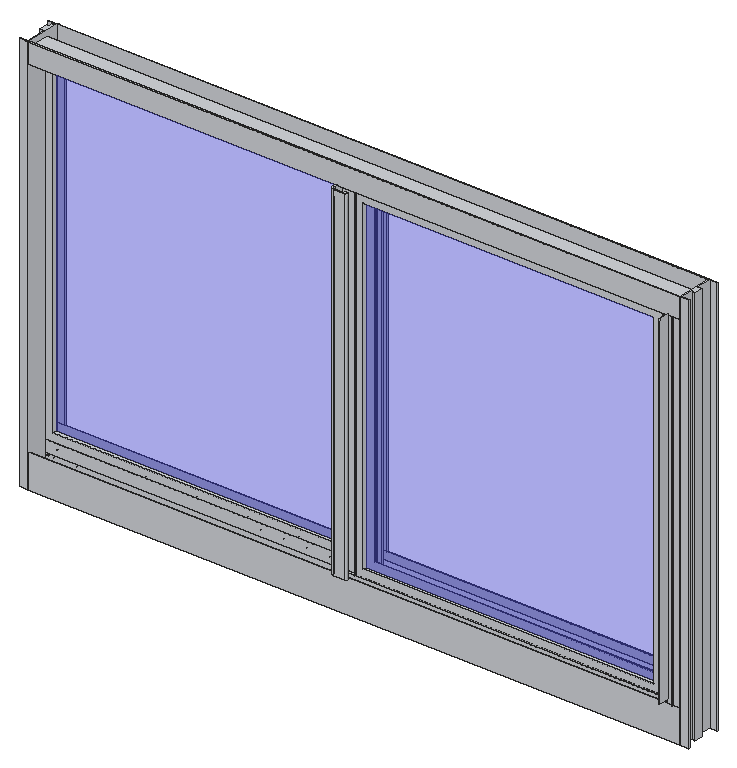
Revit family "3600_Single Slider", category Windows, host Wall, Revit 2023
Family settings
  Host = Wall
  OmniClass Number = 23.30.20.00
  OmniClass Title = Windows
  Always vertical = Yes
  Cut with Voids When Loaded = No
  Shared = No
  Room Calculation Point = No
Parameters
  Vent Width = Keep Rail Mid + 0' 2 29/32"  # 2' - 6 41/64"
  Vent Opening [instance] = 0' - 0"
  Vent Height = Height - 0' 3 13/32"  # 2' - 8 19/32"
  Keep Rail Mid = ((Width - 0' 7 23/32") / 2) + 0' 1 19/32"  # 2' - 3 47/64"
  Height = 3' - 0"
  Glass Material = Glass
  Frame Material = none
  Depth From Exterior = 0' - 1"
  Default Sill Height = 3' - 0"
  Wall Closure = By host
  Width = 5' - 0"
Reference planes (in)
  plane 1 "Center (Front/Back)": y = 0
  plane 2: z = 0
  plane 3 "Center (Left/Right)": x = 0
  plane 4 "Left": x = -30
  plane 5 "Right": x = 30
  plane 6 "Sill": z = 36
  plane 7 "Top": z = 72
  plane 8: x = 29.234
  plane 9: x = 30
  plane 10: y = 2
  plane 11: y = -1.25
  plane 12: y = 2
  plane 13: y = 3
  plane 14: x = -29.25
  plane 15: x = -30
  plane 16: y = 2
  plane 17: y = -1.25
  plane 18: y = -1.25
  plane 19: y = 2
  plane 20: y = 0.622
  plane 21: y = 2
  plane 22: y = 2
  plane 23: y = -1.25
  plane 24: x = 28.113
  plane 25: x = 29.234
  plane 26: y = 2
  plane 27: y = 1.938
  plane 28: x = 28.113
  plane 29: x = 28.3
  plane 30: y = 1.938
  plane 31: y = 1.393
  plane 32: x = 29.234
  plane 33: x = 28.113
  plane 34: y = -1.188
  plane 35: y = -1.25
  plane 36: x = -29.25
  plane 37: x = -28.5
  plane 38: y = 2
  plane 39: y = 1.938
  plane 40: x = -2.37138
  plane 41: x = 0.37862
  plane 42: y = 2
  plane 43: y = 1.938
  plane 44: x = -1.62138
  plane 45: x = 0.37862
  plane 46: y = 1.938
  plane 47: y = 0.38
  plane 48: y = 0.926
  plane 49: y = 0.622
  plane 50: y = 1.938
  plane 51: y = 0.938
  plane 52: x = 28.113
  plane 53: z = 38.44908
  plane 54: z = 38.08
  plane 55: y = 0.54642
Forms (in)
  Sweep 1, solid
    path origin (0, 0, 0) x (0, 1, 0) y (0, 0, 1)
      loop
        line (1.35088, 72) -> (1.35088, 36)
    profile origin (0, 1.35088, 54) x (1, 0, 0) y (0, 1, 0)
      loop
        line (29.234, 0.58712) -> (29.234, -2.60088) -> (30, -2.60088) -> (30, -2.53888) -> (29.296, -2.53888) -> (29.296, -1.42888) -> (29.639, -1.42888) -> (29.639, -0.73488) -> (29.296, -0.73488) -> (29.296, 0.58712) -> (30, 0.58712) -> (30, 0.64912) -> (29.234, 0.64912) -> (29.234, 0.58712)
  Sweep 2, solid
    path origin (0, 0, 0) x (0, 1, 0) y (0, 0, 1)
      loop
        line (-1.9872, 72) -> (-1.9872, 36)
    profile origin (0, -1.9872, 54) x (1, 0, 0) y (0, 1, 0)
      loop
        line (-30, 0.7372) -> (-29.25, 0.7372) -> (-29.25, 3.9872) -> (-30, 3.9872) -> (-30, 3.9252) -> (-29.312, 3.9252) -> (-29.312, 3.74034) -> (-29.495, 3.74034) -> (-29.495, 3.4112) -> (-29.687, 3.4112) -> (-29.687, 2.6092) -> (-29.312, 2.6092) -> (-29.312, 0.7992) -> (-30, 0.7992) -> (-30, 0.7372)
  Sweep 3, solid
    path origin (0, 0, 0) x (1, 0, 0) y (0, 0, 1)
      loop
        line (29.234, 36) -> (-29.25, 36)
    profile origin (-0.008, 0, 36) x (0, 0, -1) y (0, -1, 0)
      loop
        line (0, 1.25) -> (-2.982, 1.25) -> (-2.982, 1.17) -> (-2.08, 1.17) -> (-2.08, 0.3455) -> (-2.03217, 0.167) -> (-1.05951, 0.167) -> (-0.99048, -0.622) -> (-2.187, -0.622) -> (-2.187, -0.702) -> (-2.07961, -0.764) -> (-2.07961, -0.702) -> (-0.98348, -0.702) -> (-0.92381, -1.384) -> (-0.58823, -1.384) -> (-0.58823, -1.92) -> (-2.08, -1.92) -> (-2.08, -1.85822) -> (-2.187, -1.92) -> (-2.187, -2) -> (0, -2) -> (0, -1.92) -> (-0.50823, -1.92) -> (-0.50823, -0.69) -> (-0.90422, -0.69) -> (-0.9862, 0.247) -> (-1.97078, 0.247) -> (-2, 0.35603) -> (-2, 1.17) -> (-0.57023, 1.17) -> (-0.57023, 1.08) -> (-0.50823, 1.08) -> (-0.50823, 1.17) -> (0, 1.17) -> (0, 1.25)
  Sweep 4, solid
    path origin (0, 0, 0) x (1, 0, 0) y (0, 0, 1)
      loop
        line (29.234, 38.187) -> (-29.25, 38.187)
    profile origin (-0.008, 0, 38.187) x (0, 0, -1) y (0, -1, 0)
      loop
        line (0, -2) -> (0, -1.858) -> (0.10739, -1.858) -> (0.12078, -1.908) -> (0.31133, -1.85694)
        arc (0.31133, -1.85694) -> (0.33404, -1.82295) -> (0.30331, -1.796) r 0.031
        line (0.30331, -1.796) -> (-0.031, -1.796)
        arc (-0.031, -1.796) -> (-0.05292, -1.80508) -> (-0.062, -1.827) r 0.031
        line (-0.062, -1.827) -> (-0.062, -1.907)
        arc (-0.062, -1.907) -> (-0.07108, -1.92892) -> (-0.093, -1.938) r 0.031
        line (-0.093, -1.938) -> (-1.02, -1.938) -> (-1.02, -1.403) -> (-0.645, -1.403) -> (-0.645, -0.684) -> (-0.093, -0.684)
        arc (-0.093, -0.684) -> (-0.07108, -0.69308) -> (-0.062, -0.715) r 0.031
        line (-0.062, -0.715) -> (-0.062, -0.795)
        arc (-0.062, -0.795) -> (-0.05292, -0.81692) -> (-0.031, -0.826) r 0.031
        line (-0.031, -0.826) -> (0.30331, -0.826)
        arc (0.30331, -0.826) -> (0.33404, -0.79905) -> (0.31133, -0.76506) r 0.031
        line (0.31133, -0.76506) -> (0.12078, -0.714) -> (0.10739, -0.764) -> (0, -0.764) -> (0, -0.622) -> (-1.082, -0.622) -> (-1.082, -0.684) -> (-0.707, -0.684) -> (-0.707, -0.855) -> (-1.082, -0.855) -> (-1.082, -1.938) -> (-1.832, -1.938) -> (-1.832, -2) -> (0, -2)
  Sweep 5, solid
    path origin (0, 0, 0) x (1, 0, 0) y (0, 0, 1)
      loop
        line (29.234, 72) -> (-29.25, 72)
    profile origin (-0.008, 0, 72) x (0, 0, -1) y (0, -1, 0)
      loop
        line (0, -2) -> (2.862, -2) -> (2.862, -1.938) -> (2.112, -1.938) -> (2.112, -0.622) -> (0.5, -0.622) -> (0.5, 1.188) -> (1.825, 1.188) -> (1.825, 1.25) -> (0, 1.25) -> (0, 1.188) -> (0.438, 1.188) -> (0.438, -0.684) -> (1.675, -0.684) -> (1.675, -1.424) -> (1.867, -1.424) -> (1.867, -1.73923) -> (2.05, -1.73923) -> (2.05, -1.938) -> (0, -1.938) -> (0, -2)
  Sweep 6, solid
    path origin (0, 0, 0) x (0, 1, 0) y (0, 0, 1)
      loop
        line (1.9693, 40.019) -> (1.9693, 69.138)
    profile origin (0, 1.9693, 54.5785) x (0, -1, 0) y (1, 0, 0)
      loop
        line (-0.0307, 28.113) -> (0.0313, 28.113) -> (0.0313, 29.234) -> (-0.0307, 29.234) -> (-0.0307, 29.047) -> (-0.0307, 28.113)
  Sweep 7, solid
    path origin (0, 1.09021, 0) x (0, 1, 0) y (0, 0, 1)
      loop
        line (1.59467, 39.269) -> (1.59467, 69.888)
    profile origin (0, 2.68488, 54.5785) x (0, -1, 0) y (1, 0, 0)
      loop
        line (0.74688, 28.3) -> (0.74688, 28.238) -> (1.22988, 28.238) -> (1.22988, 28.113) -> (1.29188, 28.113) -> (1.29188, 28.3) -> (0.74688, 28.3)
  Sweep 8, solid
    path origin (0, 0, 0) x (0, 1, 0) y (0, 0, 1)
      loop
        line (-1.21279, 38.982) -> (-1.21279, 70.175)
    profile origin (0, -1.21279, 54.5785) x (0, -1, 0) y (1, 0, 0)
      loop
        line (-0.02479, 29.234) -> (-0.02479, 28.113) -> (0.03721, 28.113) -> (0.03721, 28.48183) -> (0.15338, 28.5759) -> (0.15338, 28.62766) -> (0.03721, 28.59654) -> (0.03721, 29.234) -> (-0.02479, 29.234)
  Sweep 9, solid
    path origin (0, 0, 0) x (0, 1, 0) y (0, 0, 1)
      loop
        line (1.97793, 40.019) -> (1.97793, 69.138)
    profile origin (0, 1.97793, 54.5785) x (0, -1, 0) y (1, 0, 0)
      loop
        line (-0.02207, -28.5) -> (-0.02207, -29.25) -> (0.03993, -29.25) -> (0.03993, -28.5) -> (-0.02207, -28.5)
  Sweep 10, solid
    path origin (0, 0, 0) x (0, 1, 0) y (0, 0, 1)
      loop
        line (1.9707, 40.019) -> (1.9707, 69.138)
    profile origin (0, 1.9707, 54.5785) x (0, -1, 0) y (1, 0, 0)
      loop
        line (-0.0293, -2.37137) -> (0.0327, -2.37137) -> (0.0327, 0.37863) -> (-0.0293, 0.37863) -> (-0.0293, -2.37137)
  Sweep 11, solid
    path origin (0, 0, 0) x (0, 1, 0) y (0, 0, 1)
      loop
        line (1.1993, 39.269) -> (1.1993, 69.888)
    profile origin (0, 1.1993, 54.5785) x (0, -1, 0) y (1, 0, 0)
      loop
        line (-0.7387, -1.62137) -> (0.5773, -1.62137) -> (0.5773, -1.18438) -> (0.2343, -1.18438) -> (0.2343, -0.85437) -> (0.5773, -0.85437) -> (0.5773, -0.18337) -> (0.7393, -0.18337) -> (0.7393, -0.4512) -> (0.78871, -0.53679) -> (0.8193, -0.56737) -> (0.8193, -0.12137) -> (0.5773, -0.12137) -> (0.5773, 0.26863) -> (0.4253, 0.26863) -> (0.4253, -0.12137) -> (-0.1757, -0.12137) -> (-0.1757, 0.37863) -> (-0.2377, 0.37863) -> (-0.2377, -0.12137) -> (-0.7387, -0.12137) -> (-0.7387, -1.62137)
  Sweep 12, solid
    path origin (0, 0, 0) x (1, 0, 0) y (0, 0, 1)
      loop
        line (-29.25, 39.269) -> (-1.62138, 39.269) -> (-1.62138, 69.888) -> (-29.25, 69.888) -> (-29.25, 39.269)
    profile origin (-15.43569, 0, 39.269) x (0, 0, 1) y (0, -1, 0)
      loop
        line (0.75, -0.622) -> (0, -0.622) -> (0, -0.76945)
        arc (0, -0.76945) -> (0.01823, -0.76258) -> (0.0338, -0.75089) r 0.069
        line (0.0338, -0.75089) -> (0.078, -0.684) -> (0.31421, -0.684) -> (0.31421, -0.926) -> (0.75, -0.926) -> (0.75, -0.622)
  Sweep 13, solid, material "Glass" <- "Glass Material"
    path origin (0, 0, 0) x (0, 1, 0) y (0, 0, 1)
      loop
        line (1.21515, 39.269) -> (1.21515, 69.888)
    profile origin (0, 1.21515, 54.5785) x (0, -1, 0) y (1, 0, 0)
      loop
        line (-0.72285, -29.25) -> (-0.47285, -29.25) -> (-0.47285, -1.62137) -> (-0.72285, -1.62137) -> (-0.72285, -29.25)
      loop
        line (0.02715, -29.25) -> (0.27715, -29.25) -> (0.27715, -1.62137) -> (0.02715, -1.62137) -> (0.02715, -29.25)
Lines and regions (in)
  Opening 1
    outline origin (-60, -3, 0) x (1, 0, 0) y (0, 0, 1)
      loop
        line (30, 72) -> (30, 36) -> (90, 36) -> (90, 72) -> (30, 72)
Text (in)
  text "EXTERIOR" at (-58.6888, 50.90694, 0), in view "Ref. Level"
  text "INTERIOR" at (-58.6888, -37.76638, 0), in view "Ref. Level"
  text "Exterior" at (0, 43.65631, 123.19604), in view "Left"
  text "Exterior" at (0, 18.29385, 125.04747), in view "Right"
Dimensions and locks (in)
  equal spacing: plane 4 "Left", plane 3 "Center (Left/Right)", plane 5 "Right"
  "Height": plane 6 "Sill" to plane 7 "Top"
  "Default Sill Height": plane 2 to plane 6 "Sill"
  locked: plane 8 to plane 9 at 0.766
  locked: plane 10 to plane 11 at 3.25
  "Depth From Exterior": plane 13 to plane 12
  locked: plane 15 to plane 14 at 0.75
  locked: plane 17 to plane 16 at 3.25
  locked: plane 19 to plane 18 at 3.25
  locked: plane 21 to plane 20 at 1.378
  "Width": plane 9 to plane 15
  locked: plane 22 to plane 23 at 3.25
  locked: plane 24 to plane 25 at 1.121
  locked: plane 26 to plane 27 at 0.062
  locked: plane 28 to plane 29 at 0.187
  locked: plane 30 to plane 31 at 0.545
  locked: plane 33 to plane 32 at 1.121
  locked: plane 34 to plane 35 at 0.062
  locked: plane 36 to plane 37 at 0.75
  locked: plane 39 to plane 38 at 0.062
  locked: plane 40 to plane 41 at 2.75
  locked: plane 42 to plane 43 at 0.062
  locked: plane 44 to plane 45 at 2
  locked: plane 46 to plane 47 at 1.558
  "Keep Rail Mid": plane 33 to plane 45
  locked: plane 48 to plane 49 at 0.304
  locked: plane 42 to plane 47 at 1.62
  locked: plane 50 to plane 51 at 1
  "Vent Opening": plane 52 to plane 33
  locked: plane 53 to plane 54 at 0.36908
  locked: plane 55 to plane 49 at 0.07558
  locked: plane 54 to plane 6 "Sill" at 2.08
  aligned and locked: plane 7 "Top" to Opening 1 sketch curve
  aligned and locked: plane 6 "Sill" to Opening 1 sketch curve  (x2)
  aligned and locked: plane 5 "Right" to Opening 1 sketch curve
  aligned and locked: plane 4 "Left" to Opening 1 sketch curve
  aligned and locked: level to plane 2
  aligned and locked: plane 7 "Top" to Sweep 1 sketch curve
  aligned and locked: plane 6 "Sill" to Sweep 1 sketch curve
  aligned and locked: plane 8 to Sweep 1
  aligned and locked: plane 9 to Sweep 1  (x2)
  aligned and locked: plane 11 to Sweep 1
  aligned and locked: plane 10 to Sweep 1
  aligned and locked: plane 9 to plane 5 "Right"
  aligned and locked: plane 10 to plane 12
  aligned and locked: plane 13 to host wall
  aligned and locked: plane 6 "Sill" to Sweep 2 sketch curve
  aligned and locked: plane 7 "Top" to Sweep 2 sketch curve
  aligned and locked: plane 14 to Sweep 2
  aligned and locked: plane 17 to Sweep 2
  aligned and locked: plane 16 to Sweep 2
  aligned and locked: plane 15 to Sweep 2  (x2)
  aligned and locked: plane 15 to plane 4 "Left"
  aligned and locked: plane 12 to plane 16
  aligned and locked: plane 8 to Sweep 3 sketch curve
  aligned and locked: plane 14 to Sweep 3 sketch curve
  aligned and locked: plane 6 "Sill" to Sweep 3 sketch curve
  aligned and locked: plane 19 to Sweep 3
  aligned and locked: plane 18 to Sweep 3
  aligned and locked: plane 19 to plane 16
  aligned and locked: plane 8 to Sweep 4 sketch curve
  aligned and locked: plane 14 to Sweep 4 sketch curve
  aligned and locked: Sweep 4 sketch curve to Sweep 3
  aligned and locked: plane 21 to Sweep 4
  aligned and locked: plane 20 to Sweep 4
  aligned and locked: plane 21 to plane 19
  aligned and locked: plane 8 to Sweep 5 sketch curve
  aligned and locked: plane 14 to Sweep 5 sketch curve
  aligned and locked: plane 7 "Top" to Sweep 5 sketch curve
  aligned and locked: plane 22 to Sweep 5
  aligned and locked: plane 23 to Sweep 5
  aligned and locked: plane 22 to plane 21
  aligned and locked: Sweep 5 to Sweep 6 sketch curve
  aligned and locked: Sweep 4 to Sweep 6 sketch curve
  aligned and locked: plane 24 to Sweep 6
  aligned and locked: plane 25 to Sweep 6
  aligned and locked: plane 27 to Sweep 6
  aligned and locked: plane 26 to Sweep 6
  aligned and locked: plane 8 to plane 25
  aligned and locked: plane 26 to plane 22
  aligned and locked: Sweep 7 sketch curve to Sweep 5
  aligned and locked: Sweep 4 to Sweep 7 sketch curve
  aligned and locked: plane 28 to Sweep 7
  aligned and locked: plane 29 to Sweep 7
  aligned and locked: plane 30 to Sweep 7
  aligned and locked: plane 31 to Sweep 7
  aligned and locked: plane 30 to plane 27
  aligned and locked: plane 28 to plane 24
  aligned and locked: Sweep 5 to Sweep 8 sketch curve
  aligned and locked: Sweep 3 to Sweep 8 sketch curve
  aligned and locked: plane 34 to Sweep 8
  aligned and locked: plane 35 to Sweep 8
  aligned and locked: plane 32 to Sweep 8
  aligned and locked: plane 33 to Sweep 8
  aligned and locked: plane 35 to plane 23
  aligned and locked: plane 32 to plane 25
  aligned and locked: Sweep 5 to Sweep 9 sketch curve
  aligned and locked: Sweep 4 to Sweep 9 sketch curve
  aligned and locked: plane 39 to Sweep 9
  aligned and locked: plane 38 to Sweep 9
  aligned and locked: plane 36 to Sweep 9
  aligned and locked: plane 37 to Sweep 9
  aligned and locked: plane 36 to plane 14
  aligned and locked: plane 22 to plane 38
  aligned and locked: Sweep 9 to Sweep 10 sketch curve  (x2)
  aligned and locked: plane 40 to Sweep 10
  aligned and locked: plane 41 to Sweep 10
  aligned and locked: plane 42 to Sweep 10
  aligned and locked: plane 43 to Sweep 10
  aligned and locked: plane 42 to plane 38
  aligned and locked: Sweep 5 to Sweep 11 sketch curve
  aligned and locked: Sweep 4 to Sweep 11 sketch curve
  aligned and locked: Sweep 11 to plane 44
  aligned and locked: plane 45 to Sweep 11
  aligned and locked: plane 47 to Sweep 11
  aligned and locked: plane 46 to Sweep 11
  aligned and locked: plane 45 to plane 41
  aligned and locked: plane 46 to Sweep 4
  aligned and locked: Sweep 12 sketch curve to Sweep 4
  aligned and locked: Sweep 12 sketch curve to plane 36
  aligned and locked: plane 44 to Sweep 12 sketch curve
  aligned and locked: Sweep 12 sketch curve to Sweep 5
  aligned and locked: plane 48 to Sweep 12
  aligned and locked: plane 49 to Sweep 12
  aligned and locked: plane 20 to plane 49
  aligned and locked: Sweep 5 to Sweep 13 sketch curve
  aligned and locked: Sweep 4 to Sweep 13 sketch curve
  aligned and locked: Sweep 13 sketch curve to plane 36  (x2)
  aligned and locked: plane 44 to Sweep 13 sketch curve  (x2)
  aligned and locked: plane 50 to Sweep 13
  aligned and locked: plane 51 to Sweep 13
  aligned and locked: plane 50 to plane 46
  aligned and locked: plane 52 to nested 1
  aligned and locked: plane 54 to Sweep 3
  aligned and locked: nested 1 to plane 53
  aligned and locked: plane 55 to nested 1
Automatic sketch dimensions
  Sweep 1 sketch curve to plane 1 "Center (Front/Back)" = 0' - 1.35088"
  plane 3 "Center (Left/Right)" to Sweep 1 sketch curve = 2' - 5.234"
  Sweep 1 sketch curve to Sweep 1 sketch curve = 0' - 0.062"  (x4)
  Sweep 1 sketch curve to Sweep 1 sketch curve = 0' - 0.343"
  Sweep 1 sketch curve to Sweep 1 sketch curve = 0' - 0.704"  (x2)
  profile plane to Sweep 1 sketch curve = 0' - 2.60088"
  Sweep 1 sketch curve to Sweep 1 sketch curve = 0' - 1.11"
  Sweep 1 sketch curve to Sweep 1 sketch curve = 0' - 0.694"
  Sweep 1 sketch curve to Sweep 1 sketch curve = 0' - 1.322"
  Sweep 1 sketch curve to Sweep 1 sketch curve = 0' - 0"
  Sweep 2 sketch curve to plane 11 = 0' - 0.7372"
  Sweep 2 sketch curve to plane 3 "Center (Left/Right)" = 2' - 6"
  Sweep 2 sketch curve to Sweep 2 sketch curve = 0' - 0"
  Sweep 2 sketch curve to Sweep 2 sketch curve = 0' - 0.313"
  Sweep 2 sketch curve to Sweep 2 sketch curve = 0' - 0.192"
  Sweep 2 sketch curve to Sweep 2 sketch curve = 0' - 0 3/8"
  Sweep 2 sketch curve to Sweep 2 sketch curve = 0' - 0.183"
  Sweep 2 sketch curve to Sweep 2 sketch curve = 0' - 0.062"  (x3)
  Sweep 2 sketch curve to profile plane = 0' - 0.7372"
  Sweep 2 sketch curve to Sweep 2 sketch curve = 0' - 1.81"
  Sweep 2 sketch curve to Sweep 2 sketch curve = 0' - 0.802"
  Sweep 2 sketch curve to Sweep 2 sketch curve = 0' - 0.32914"
  Sweep 2 sketch curve to Sweep 2 sketch curve = 0' - 0.18486"
  profile plane to Sweep 3 sketch curve = 0' - 2.982"
  Sweep 3 sketch curve to Sweep 3 sketch curve = 0' - 0.795"
  Sweep 3 sketch curve to Sweep 3 sketch curve = 0' - 0"  (x4)
  Sweep 3 sketch curve to Sweep 3 sketch curve = 0' - 0.902"
  Sweep 3 sketch curve to Sweep 3 sketch curve = 0' - 0.107"
  Sweep 3 sketch curve to Sweep 3 sketch curve = 0' - 0.10739"
  Sweep 3 sketch curve to Sweep 3 sketch curve = 0' - 0.04783"
  Sweep 3 sketch curve to Sweep 3 sketch curve = 0' - 0.08"  (x6)
  Sweep 3 sketch curve to Sweep 3 sketch curve = 0' - 0.06139"
  Sweep 3 sketch curve to Sweep 3 sketch curve = 0' - 0.91128"
  Sweep 3 sketch curve to Sweep 3 sketch curve = 0' - 0.06903"
  Sweep 3 sketch curve to Sweep 3 sketch curve = 0' - 0.07331"
  Sweep 3 sketch curve to Sweep 3 sketch curve = 0' - 0.08625"
  Sweep 3 sketch curve to Sweep 3 sketch curve = 0' - 0.31599"
  Sweep 3 sketch curve to Sweep 3 sketch curve = 0' - 0.41597"
  Sweep 3 sketch curve to Sweep 3 sketch curve = 0' - 0.062"  (x3)
  Sweep 3 sketch curve to Sweep 3 sketch curve = 0' - 0.39599"
  Sweep 3 sketch curve to Sweep 3 sketch curve = 0' - 0.50823"  (x2)
  Sweep 3 sketch curve to plane 1 "Center (Front/Back)" = 0' - 2"
  Sweep 3 sketch curve to Sweep 3 sketch curve = 0' - 0.06178"
  Sweep 3 sketch curve to Sweep 3 sketch curve = 0' - 0.536"
  Sweep 3 sketch curve to Sweep 3 sketch curve = 0' - 1.09422"
  Sweep 3 sketch curve to Sweep 3 sketch curve = 0' - 0.012"
  Sweep 3 sketch curve to Sweep 3 sketch curve = 0' - 0.789"
  Sweep 3 sketch curve to Sweep 3 sketch curve = 0' - 0.0985"
  Sweep 3 sketch curve to Sweep 3 sketch curve = 0' - 0.01053"
  Sweep 3 sketch curve to Sweep 3 sketch curve = 0' - 0.833"
  Sweep 3 sketch curve to Sweep 3 sketch curve = 0' - 0.09"
  Sweep 3 sketch curve to Sweep 3 sketch curve = 0' - 0.07926"
  Sweep 3 sketch curve to Sweep 3 sketch curve = 0' - 0.33558"
  Sweep 4 sketch curve to profile plane = 0' - 0"  (x2)
  profile plane to Sweep 4 sketch curve = 0' - 0.031"  (x2)
  profile plane to Sweep 4 sketch curve = 0' - 0.062"  (x2)
  Sweep 4 sketch curve to Sweep 4 sketch curve = 0' - 0.031"  (x5)
  Sweep 4 sketch curve to Sweep 4 sketch curve = 0' - 0.552"
  Sweep 4 sketch curve to Sweep 4 sketch curve = 0' - 0.062"  (x4)
  Sweep 4 sketch curve to Sweep 4 sketch curve = 0' - 0 3/8"  (x2)
  Sweep 4 sketch curve to Sweep 4 sketch curve = 0' - 0"  (x2)
  Sweep 4 sketch curve to Sweep 4 sketch curve = 0' - 0 3/4"
  Sweep 4 sketch curve to profile plane = 0' - 0.10739"  (x2)
  Sweep 4 sketch curve to Sweep 4 sketch curve = 0' - 0.0134"  (x2)
  Sweep 4 sketch curve to Sweep 4 sketch curve = 0' - 0.19592"  (x2)
  Sweep 4 sketch curve to Sweep 4 sketch curve = 0' - 0.00802"  (x2)
  Sweep 4 sketch curve to plane 1 "Center (Front/Back)" = 0' - 2"
  Sweep 4 sketch curve to Sweep 4 sketch curve = 0' - 0.092"
  Sweep 4 sketch curve to Sweep 4 sketch curve = 0' - 0.05"
  Sweep 4 sketch curve to Sweep 4 sketch curve = 0' - 0.535"
  Sweep 4 sketch curve to Sweep 4 sketch curve = 0' - 0.548"
  Sweep 4 sketch curve to Sweep 4 sketch curve = 0' - 0.029"
  Sweep 4 sketch curve to Sweep 4 sketch curve = 0' - 0.049"
  Sweep 5 sketch curve to profile plane = 0' - 0"
  Sweep 5 sketch curve to Sweep 5 sketch curve = 0' - 0.438"  (x2)
  Sweep 5 sketch curve to Sweep 5 sketch curve = 0' - 0.062"  (x5)
  Sweep 5 sketch curve to Sweep 5 sketch curve = 0' - 1.175"
  Sweep 5 sketch curve to Sweep 5 sketch curve = 0' - 1.325"
  Sweep 5 sketch curve to Sweep 5 sketch curve = 0' - 0.192"
  Sweep 5 sketch curve to Sweep 5 sketch curve = 0' - 0.183"
  Sweep 5 sketch curve to Sweep 5 sketch curve = 0' - 0 3/4"
  Sweep 5 sketch curve to plane 1 "Center (Front/Back)" = 0' - 2"
  Sweep 5 sketch curve to Sweep 5 sketch curve = 0' - 0"  (x2)
  Sweep 5 sketch curve to Sweep 5 sketch curve = 0' - 0.19877"
  Sweep 5 sketch curve to Sweep 5 sketch curve = 0' - 0.31523"
  Sweep 5 sketch curve to Sweep 5 sketch curve = 0' - 0.74"
  Sweep 5 sketch curve to Sweep 5 sketch curve = 0' - 1.81"
  Sweep 6 sketch curve to plane 10 = 0' - 0.0307"
  profile plane to Sweep 6 sketch curve = 0' - 0.0307"
  Sweep 6 sketch curve to Sweep 6 sketch curve = 0' - 0.062"
  plane 3 "Center (Left/Right)" to Sweep 6 sketch curve = 2' - 4.113"
  Sweep 6 sketch curve to Sweep 6 sketch curve = 0' - 1.121"
  Sweep 6 sketch curve to Sweep 6 sketch curve = 0' - 0.187"
  plane 27 to Sweep 7 sketch curve = 0' - 0.74688"
  Sweep 7 sketch curve to profile plane = 0' - 0.74688"
  Sweep 7 sketch curve to Sweep 7 sketch curve = 0' - 0.483"
  Sweep 7 sketch curve to Sweep 7 sketch curve = 0' - 0.062"  (x2)
  plane 3 "Center (Left/Right)" to Sweep 7 sketch curve = 2' - 4.113"
  Sweep 7 sketch curve to Sweep 7 sketch curve = 0' - 0 1/8"
  plane 11 to Sweep 8 sketch curve = 0' - 0.03721"
  profile plane to Sweep 8 sketch curve = 0' - 0.02479"
  Sweep 8 sketch curve to Sweep 8 sketch curve = 0' - 0.062"  (x2)
  Sweep 8 sketch curve to Sweep 8 sketch curve = 0' - 0.11616"
  plane 3 "Center (Left/Right)" to Sweep 8 sketch curve = 2' - 4.113"
  Sweep 8 sketch curve to Sweep 8 sketch curve = 0' - 0.36883"
  Sweep 8 sketch curve to Sweep 8 sketch curve = 0' - 0.09407"
  Sweep 8 sketch curve to Sweep 8 sketch curve = 0' - 0.11471"
  Sweep 8 sketch curve to Sweep 8 sketch curve = 0' - 0.05176"
  Sweep 8 sketch curve to Sweep 8 sketch curve = 0' - 0.60634"
  Sweep 9 sketch curve to plane 10 = 0' - 0.02207"
  Sweep 9 sketch curve to profile plane = 0' - 0.03993"
  Sweep 9 sketch curve to plane 3 "Center (Left/Right)" = 2' - 5 1/4"
  Sweep 9 sketch curve to Sweep 9 sketch curve = 0' - 0 3/4"
  Sweep 9 sketch curve to Sweep 9 sketch curve = 0' - 0.062"
  Sweep 10 sketch curve to plane 10 = 0' - 0.0293"
  profile plane to Sweep 10 sketch curve = 0' - 0.0293"
  Sweep 10 sketch curve to Sweep 10 sketch curve = 0' - 0.062"
  Sweep 10 sketch curve to plane 3 "Center (Left/Right)" = 0' - 2.37137"
  Sweep 10 sketch curve to Sweep 10 sketch curve = 0' - 2 3/4"
  Sweep 11 sketch curve to plane 31 = 0' - 0.1937"
  profile plane to Sweep 11 sketch curve = 0' - 0.7387"
  Sweep 11 sketch curve to Sweep 11 sketch curve = 0' - 0.501"
  Sweep 11 sketch curve to Sweep 11 sketch curve = 0' - 0.062"  (x2)
  Sweep 11 sketch curve to Sweep 11 sketch curve = 0' - 0.973"
  Sweep 11 sketch curve to Sweep 11 sketch curve = 0' - 0.601"
  Sweep 11 sketch curve to Sweep 11 sketch curve = 0' - 0.343"
  Sweep 11 sketch curve to Sweep 11 sketch curve = 0' - 0.152"
  Sweep 11 sketch curve to Sweep 11 sketch curve = 0' - 0"  (x2)
  Sweep 11 sketch curve to Sweep 11 sketch curve = 0' - 0.162"
  Sweep 11 sketch curve to Sweep 11 sketch curve = 0' - 0.04941"
  Sweep 11 sketch curve to Sweep 11 sketch curve = 0' - 0.08"
  Sweep 11 sketch curve to plane 3 "Center (Left/Right)" = 0' - 1.62137"
  Sweep 11 sketch curve to Sweep 11 sketch curve = 0' - 0.437"
  Sweep 11 sketch curve to Sweep 11 sketch curve = 0' - 0.33"
  Sweep 11 sketch curve to Sweep 11 sketch curve = 0' - 0.287"
  Sweep 11 sketch curve to Sweep 11 sketch curve = 0' - 0.03059"
  Sweep 11 sketch curve to Sweep 11 sketch curve = 0' - 0.08558"
  Sweep 11 sketch curve to Sweep 11 sketch curve = 0' - 0.26783"
  Sweep 11 sketch curve to Sweep 11 sketch curve = 0' - 0.733"
  Sweep 11 sketch curve to Sweep 11 sketch curve = 0' - 0.39"
  Sweep 11 sketch curve to Sweep 11 sketch curve = 0' - 0 1/2"
  profile plane to Sweep 12 sketch curve = 0' - 0.01499"
  Sweep 12 sketch curve to Sweep 12 sketch curve = 0' - 0.01499"
  Sweep 12 sketch curve to Sweep 12 sketch curve = 0' - 0.0338"
  Sweep 12 sketch curve to Sweep 12 sketch curve = 0' - 0.0442"
  Sweep 12 sketch curve to Sweep 12 sketch curve = 0' - 0.23621"
  Sweep 12 sketch curve to Sweep 12 sketch curve = 0' - 0.43579"
  Sweep 12 sketch curve to plane 1 "Center (Front/Back)" = 0' - 0.926"
  Sweep 12 sketch curve to Sweep 12 sketch curve = 0' - 0.15655"
  Sweep 12 sketch curve to Sweep 12 sketch curve = 0' - 0.01856"
  Sweep 12 sketch curve to Sweep 12 sketch curve = 0' - 0.242"
  Sweep 12 sketch curve to Sweep 12 sketch curve = 0' - 0.0801"
  Sweep 13 sketch curve to plane 31 = 0' - 0.17785"
  profile plane to Sweep 13 sketch curve = 0' - 0.72285"
  Sweep 13 sketch curve to Sweep 13 sketch curve = 0' - 0 1/4"  (x2)
  Sweep 13 sketch curve to Sweep 13 sketch curve = 0' - 0 3/4"
Nested families (in)
  nested 1: "Sliding Vent" at (13.71266, -1.97807, 31.73077), type "Sliding Vent"
    with Vent Width 2' - 6 41/64", Vent Height 2' - 8 19/32"
Definition of nested family "Sliding Vent"
  Parameters (values of type "Sliding Vent")
    Vent Width = 3' - 0"
    Vent Height = 3' - 0"
    Vent Glass Material = none
    Vent Frame Material = none
    Default Elevation = 0' - 0"
  Reference planes (in)
    plane 1 "Center (Front/Back)": y = 0
    plane 2: z = 0
    plane 3 "Center (Left/Right)": x = 0
    plane 4: x = -18
    plane 5: x = 18
    plane 6: z = 39.31206
    plane 7: z = 3.31206
    plane 8: y = 2.52449
    plane 9: y = 0.87449
    plane 10: y = 0.87449
    plane 11: y = 2.52449
    plane 12: x = 16.5
    plane 13: x = 18
    plane 14: y = 2.52449
    plane 15: y = 0.87449
    plane 16: x = -18
    plane 17: x = -16.5
    plane 18: y = 2.52449
    plane 19: y = -0.04151
    plane 20: y = 1.17849
    plane 21: y = 0.87449
    plane 22: y = 2.25249
    plane 23: y = 2.19049
    plane 24: y = 2.25249
    plane 25: y = 2.19049
    plane 26: y = 1.19049
  Forms (in)
    Sweep 1, solid
      path origin (0, 0, 0) x (1, 0, 0) y (0, 0, 1)
        loop
          line (-18, 3.31206) -> (18, 3.31206)
      profile origin (0, 0, 3.31206) x (0, 0, 1) y (0, -1, 0)
        loop
          line (0.8115, -0.87449) -> (0, -0.87449) -> (0, -1.02649) -> (0.3745, -1.02649) -> (0.3745, -1.16949) -> (0.7495, -1.16949) -> (0.7495, -1.75349) -> (0.4055, -1.75349) -> (0.4055, -2.37249) -> (0.3385, -2.37249) -> (0.3385, -2.52449) -> (0.8115, -2.52449) -> (0.8115, -0.87449)
    Sweep 2, solid
      path origin (0, 0, 0) x (1, 0, 0) y (0, 0, 1)
        loop
          line (-18, 39.31206) -> (18, 39.31206)
      profile origin (0, 0, 39.31206) x (0, 0, 1) y (0, -1, 0)
        loop
          line (-0.809, -0.87449) -> (-0.809, -2.52449) -> (-0.336, -2.52449) -> (-0.336, -2.37249) -> (-0.403, -2.37249) -> (-0.403, -1.75349) -> (-0.747, -1.75349) -> (-0.747, -1.16949) -> (-0.372, -1.16949) -> (-0.372, -1.02649) -> (0, -1.02649) -> (0, -0.87449) -> (-0.809, -0.87449)
    Sweep 3, solid
      path origin (0, 0, 0) x (0, 1, 0) y (0, 0, 1)
        loop
          line (2.10132, 38.50306) -> (2.10132, 4.12356)
      profile origin (0, 2.10132, 21.31331) x (1, 0, 0) y (0, 1, 0)
        loop
          line (16.5, -1.22683) -> (17.00003, -1.22683) -> (17.00003, -2.22369)
          arc (17.00003, -2.22369) -> (17.04003, -2.26369) -> (17.08003, -2.22369) r 0.04
          line (17.08003, -2.22369) -> (17.08003, -1.22683) -> (18, -1.22683) -> (18, -0.16083) -> (17.00003, -0.16083) -> (17.00003, 0.36117) -> (17.56627, 0.36117) -> (17.56627, 0.27117) -> (18, 0.27117) -> (18, 0.42317) -> (16.5, 0.42317) -> (16.5, -1.22683)
    Sweep 4, solid
      path origin (0, 0, 0) x (0, 1, 0) y (0, 0, 1)
        loop
          line (1.44471, 38.50306) -> (1.44471, 4.12356)
      profile origin (0, 1.44471, 21.31331) x (1, 0, 0) y (0, 1, 0)
        loop
          line (-16.5, -0.35422) -> (-16.5, 1.04878)
          arc (-16.5, 1.04878) -> (-16.50908, 1.0707) -> (-16.531, 1.07978) r 0.031
          line (-16.531, 1.07978) -> (-16.95, 1.07978) -> (-16.95, 1.21578) -> (-16.65151, 1.21578) -> (-16.58176, 1.28554) -> (-16.61998, 1.29578) -> (-17.03, 1.29578) -> (-17.03, 0.95478) -> (-17.28, 0.95478) -> (-17.28, 1.07978) -> (-18, 1.07978) -> (-18, -1.11122)
          arc (-18, -1.11122) -> (-17.89017, -1.37638) -> (-17.625, -1.48622) r 0.375
          line (-17.625, -1.48622) -> (-16.65872, -1.48622)
          arc (-16.65872, -1.48622) -> (-16.54827, -1.21957) -> (-16.81492, -1.33002) r 0.1562
          line (-16.81492, -1.33002) -> (-17.63436, -1.33002)
          arc (-17.63436, -1.33002) -> (-17.78313, -1.26273) -> (-17.844, -1.11122) r 0.219
          line (-17.844, -1.11122) -> (-17.844, -0.35422) -> (-16.5, -0.35422)
    Sweep 5, solid
      path origin (0, 0, 0) x (1, 0, 0) y (0, 0, 1)
        loop
          line (-16.5, 4.12356) -> (16.5, 4.12356) -> (16.5, 38.50306) -> (-16.5, 38.50306) -> (-16.5, 4.12356)
      profile origin (0, 0, 4.12356) x (0, 0, 1) y (0, -1, 0)
        loop
          line (0.75, -0.87449) -> (0, -0.87449) -> (0, -1.02195)
          arc (0, -1.02195) -> (0.01823, -1.01507) -> (0.0338, -1.00338) r 0.069
          line (0.0338, -1.00338) -> (0.078, -0.93649) -> (0.3135, -0.93649) -> (0.3135, -1.17849) -> (0.75, -1.17849) -> (0.75, -0.87449)
    Sweep 6, solid
      path origin (0, 0, 0) x (1, 0, 0) y (0, 0, 1)
        loop
          line (16.5, 4.12356) -> (16.5, 38.50306) -> (-16.5, 38.50306) -> (-16.5, 4.12356) -> (16.5, 4.12356)
      profile origin (0, 0, 4.12356) x (0, 0, -1) y (0, -1, 0)
        loop
          line (-0.75, -2.25249) -> (0, -2.25249) -> (0, -2.19049) -> (-0.75, -2.19049) -> (-0.75, -2.25249)
    Sweep 7, solid, material <- "Vent Glass Material"
      path origin (0, 0, 0) x (0, 1, 0) y (0, 0, 1)
        loop
          line (1.66028, 4.12356) -> (1.66028, 38.50306)
      profile origin (0, 1.66028, 21.31331) x (0, -1, 0) y (1, 0, 0)
        loop
          line (-0.53022, -16.5) -> (-0.28022, -16.5) -> (-0.28022, 16.5) -> (-0.53022, 16.5) -> (-0.53022, -16.5)
        loop
          line (0.21978, -16.5) -> (0.46978, -16.5) -> (0.46978, 16.5) -> (0.21978, 16.5) -> (0.21978, -16.5)
  Dimensions and locks (in)
    locked: plane 8 to plane 9 at 1.65
    "Vent Width": plane 5 to plane 4
    "Vent Height": plane 6 to plane 7
    equal spacing: plane 5, plane 3 "Center (Left/Right)", plane 4
    locked: plane 11 to plane 10 at 1.65
    locked: plane 12 to plane 13 at 1.5
    locked: plane 14 to plane 15 at 1.65
    locked: plane 16 to plane 17 at 1.5
    locked: plane 18 to plane 19 at 2.566
    locked: plane 20 to plane 21 at 0.304
    locked: plane 18 to plane 22 at 0.272
    locked: plane 24 to plane 23 at 0.062
    locked: plane 25 to plane 26 at 1
    aligned and locked: plane 2 to level
    aligned and locked: plane 5 to Sweep 1 sketch curve
    aligned and locked: plane 4 to Sweep 1 sketch curve
    aligned and locked: Sweep 1 sketch curve to plane 7
    aligned and locked: plane 8 to Sweep 1
    aligned and locked: plane 9 to Sweep 1
    aligned and locked: plane 5 to Sweep 2 sketch curve
    aligned and locked: plane 4 to Sweep 2 sketch curve
    aligned and locked: Sweep 2 sketch curve to plane 6
    aligned and locked: plane 11 to Sweep 2
    aligned and locked: plane 10 to Sweep 2
    aligned and locked: plane 11 to plane 8
    aligned and locked: Sweep 1 to Sweep 3 sketch curve
    aligned and locked: Sweep 2 to Sweep 3 sketch curve
    aligned and locked: Sweep 3 to plane 12
    aligned and locked: Sweep 3 to plane 13  (x2)
    aligned and locked: plane 14 to Sweep 3
    aligned and locked: plane 15 to Sweep 3  (x2)
    aligned and locked: plane 14 to plane 11
    aligned and locked: plane 5 to plane 13
    aligned and locked: Sweep 3 to Sweep 4 sketch curve
    aligned and locked: Sweep 2 to Sweep 4 sketch curve
    aligned and locked: Sweep 4 to plane 16
    aligned and locked: plane 17 to Sweep 4
    aligned and locked: plane 18 to Sweep 4  (x2)
    aligned and locked: plane 4 to plane 16
    aligned and locked: plane 19 to Sweep 4
    aligned and locked: plane 18 to plane 11
    aligned and locked: Sweep 5 sketch curve to plane 17
    aligned and locked: plane 12 to Sweep 5 sketch curve
    aligned and locked: Sweep 5 sketch curve to Sweep 1
    aligned and locked: Sweep 5 sketch curve to Sweep 2
    aligned and locked: plane 20 to Sweep 5
    aligned and locked: plane 21 to Sweep 5
    aligned and locked: plane 21 to plane 15
    aligned and locked: Sweep 6 sketch curve to Sweep 1
    aligned and locked: Sweep 6 sketch curve to Sweep 3
    aligned and locked: Sweep 6 sketch curve to Sweep 4
    aligned and locked: Sweep 6 sketch curve to Sweep 2
    aligned and locked: plane 24 to Sweep 6
    aligned and locked: plane 23 to Sweep 6
    aligned and locked: plane 22 to plane 24
    aligned and locked: Sweep 4 to Sweep 7 sketch curve  (x2)
    aligned and locked: Sweep 7 sketch curve to plane 17  (x2)
    aligned and locked: Sweep 7 sketch curve to plane 12  (x2)
    aligned and locked: plane 25 to Sweep 7
    aligned and locked: plane 26 to Sweep 7
    aligned and locked: plane 25 to plane 23
  Automatic sketch dimensions
    profile plane to Sweep 1 sketch curve = 0' - 0"
    Sweep 1 sketch curve to profile plane = 0' - 0.3385"
    Sweep 1 sketch curve to profile plane = 0' - 0.3745"
    Sweep 1 sketch curve to Sweep 1 sketch curve = 0' - 0.067"
    Sweep 1 sketch curve to Sweep 1 sketch curve = 0' - 0 3/8"
    Sweep 1 sketch curve to Sweep 1 sketch curve = 0' - 0.062"
    Sweep 1 sketch curve to plane 1 "Center (Front/Back)" = 0' - 2.52449"
    Sweep 1 sketch curve to Sweep 1 sketch curve = 0' - 0.152"  (x2)
    Sweep 1 sketch curve to Sweep 1 sketch curve = 0' - 0.619"
    Sweep 1 sketch curve to Sweep 1 sketch curve = 0' - 0.584"
    Sweep 1 sketch curve to Sweep 1 sketch curve = 0' - 0.143"
    profile plane to Sweep 2 sketch curve = 0' - 0.809"
    Sweep 2 sketch curve to Sweep 2 sketch curve = 0' - 0.062"
    Sweep 2 sketch curve to Sweep 2 sketch curve = 0' - 0.344"
    Sweep 2 sketch curve to Sweep 2 sketch curve = 0' - 0 3/8"
    Sweep 2 sketch curve to Sweep 2 sketch curve = 0' - 0.372"
    Sweep 2 sketch curve to plane 1 "Center (Front/Back)" = 0' - 2.52449"
    Sweep 2 sketch curve to Sweep 2 sketch curve = 0' - 0.152"  (x2)
    Sweep 2 sketch curve to Sweep 2 sketch curve = 0' - 0.619"
    Sweep 2 sketch curve to Sweep 2 sketch curve = 0' - 0.584"
    Sweep 2 sketch curve to Sweep 2 sketch curve = 0' - 0.143"
    Sweep 2 sketch curve to Sweep 2 sketch curve = 0' - 0.067"
    plane 8 to Sweep 3 sketch curve = 0' - 0.42317"
    plane 3 "Center (Left/Right)" to Sweep 3 sketch curve = 1' - 4 1/2"
    Sweep 3 sketch curve to Sweep 3 sketch curve = 0' - 0.50003"  (x2)
    Sweep 3 sketch curve to Sweep 3 sketch curve = 0' - 0.04"
    Sweep 3 sketch curve to Sweep 3 sketch curve = 0' - 0.56624"
    Sweep 3 sketch curve to Sweep 3 sketch curve = 0' - 0.43373"
    Sweep 3 sketch curve to Sweep 3 sketch curve = 0' - 0.91997"
    profile plane to Sweep 3 sketch curve = 0' - 2.22369"
    Sweep 3 sketch curve to Sweep 3 sketch curve = 0' - 0.99687"
    Sweep 3 sketch curve to Sweep 3 sketch curve = 0' - 0"
    Sweep 3 sketch curve to Sweep 3 sketch curve = 0' - 1.066"
    Sweep 3 sketch curve to Sweep 3 sketch curve = 0' - 0.432"
    Sweep 3 sketch curve to Sweep 3 sketch curve = 0' - 0.09"
    Sweep 3 sketch curve to Sweep 3 sketch curve = 0' - 0.062"
    Sweep 4 sketch curve to plane 9 = 0' - 0.57022"
    Sweep 4 sketch curve to Sweep 4 sketch curve = 0' - 0"  (x2)
    Sweep 4 sketch curve to plane 3 "Center (Left/Right)" = 1' - 6"
    Sweep 4 sketch curve to Sweep 4 sketch curve = 0' - 0.156"
    Sweep 4 sketch curve to Sweep 4 sketch curve = 0' - 0.20964"
    Sweep 4 sketch curve to Sweep 4 sketch curve = 0' - 0.219"
    Sweep 4 sketch curve to Sweep 4 sketch curve = 0' - 0.72"
    Sweep 4 sketch curve to Sweep 4 sketch curve = 0' - 0 1/4"
    Sweep 4 sketch curve to Sweep 4 sketch curve = 0' - 0.08"  (x2)
    Sweep 4 sketch curve to Sweep 4 sketch curve = 0' - 0.81943"
    Sweep 4 sketch curve to Sweep 4 sketch curve = 0' - 0.29849"
    Sweep 4 sketch curve to Sweep 4 sketch curve = 0' - 0.03153"
    Sweep 4 sketch curve to Sweep 4 sketch curve = 0' - 0.03823"
    Sweep 4 sketch curve to Sweep 4 sketch curve = 0' - 0.12051"
    Sweep 4 sketch curve to Sweep 4 sketch curve = 0' - 0.031"
    profile plane to Sweep 4 sketch curve = 0' - 1.48622"
    Sweep 4 sketch curve to Sweep 4 sketch curve = 0' - 0.757"
    Sweep 4 sketch curve to Sweep 4 sketch curve = 0' - 1.309"
    Sweep 4 sketch curve to Sweep 4 sketch curve = 0' - 0.094"
    Sweep 4 sketch curve to Sweep 4 sketch curve = 0' - 0 1/8"
    Sweep 4 sketch curve to Sweep 4 sketch curve = 0' - 0.136"
    Sweep 4 sketch curve to Sweep 4 sketch curve = 0' - 0.06976"
    profile plane to Sweep 5 sketch curve = 0' - 0.01499"
    Sweep 5 sketch curve to Sweep 5 sketch curve = 0' - 0.01499"
    Sweep 5 sketch curve to Sweep 5 sketch curve = 0' - 0.0338"
    Sweep 5 sketch curve to Sweep 5 sketch curve = 0' - 0.0442"
    Sweep 5 sketch curve to Sweep 5 sketch curve = 0' - 0.2797"
    Sweep 5 sketch curve to Sweep 5 sketch curve = 0' - 0.4365"
    Sweep 5 sketch curve to plane 1 "Center (Front/Back)" = 0' - 1.17849"
    Sweep 5 sketch curve to Sweep 5 sketch curve = 0' - 0.17511"
    Sweep 5 sketch curve to Sweep 5 sketch curve = 0' - 0.04879"
    Sweep 5 sketch curve to Sweep 5 sketch curve = 0' - 0.06689"
    Sweep 5 sketch curve to Sweep 5 sketch curve = 0' - 0.0801"
    profile plane to Sweep 6 sketch curve = 0' - 0 3/4"
    Sweep 6 sketch curve to Sweep 6 sketch curve = 0' - 0 3/4"
    Sweep 6 sketch curve to plane 1 "Center (Front/Back)" = 0' - 2.19049"
    Sweep 6 sketch curve to Sweep 6 sketch curve = 0' - 0.062"
    Sweep 7 sketch curve to plane 20 = 0' - 0.48178"
    profile plane to Sweep 7 sketch curve = 0' - 0.53022"
    Sweep 7 sketch curve to Sweep 7 sketch curve = 0' - 0 1/4"  (x2)
    Sweep 7 sketch curve to Sweep 7 sketch curve = 0' - 0 3/4"
